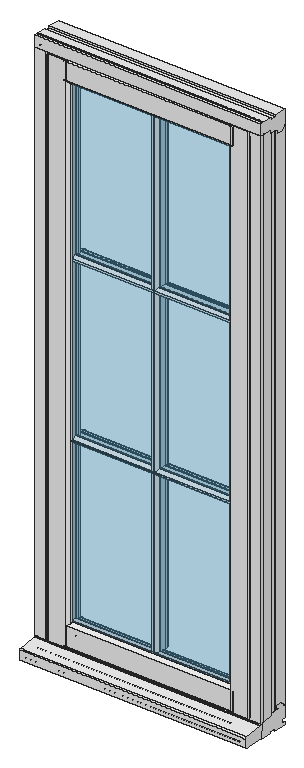
Revit family "C1-6P", category Windows, host Wall, Revit 2012
Parameters
  metal = Matel
  Wood = WindowColor
  Str.Tolrance = 11 mm
  Height = 1770 mm
  Glass = Glass
  Default Sill Height = 914.4 mm
  Wall Closure = By host
  Width = 726 mm
Reference planes
  plane 1 "Center (Front/Back)": y = 0
  plane 2: z = 0
  plane 3 "Center (Left/Right)": x = 0
  plane 4 "Left": x = -363
  plane 5 "Right": x = 363
  plane 6 "Sill": z = 914.4
  plane 7 "Top": z = 2684.4
  plane 8: y = 33.076
  plane 9: z = 2648.4
  plane 10: x = 323
  plane 11: x = -323
  plane 12: z = 2644.4
  plane 13: z = 962.4
  plane 14: x = 265
  plane 15: x = -265
  plane 16: z = 1024.4
  plane 17: z = 2586.4
  plane 18: z = 2628.4
  plane 19: z = 1544.4
  plane 20: z = 2065.74
Forms (mm)
  Sweep 1, solid, material "Matel" <- "metal"
    path origin (0, 0, 0) x (1, 0, 0) y (0, 0, 1)
      loop
        line (363, 914.4) -> (363, 2648.4)
    profile origin (363, 0, 1781.4) x (-1, 0, 0) y (0, -1, 0)
      loop
        line (0, -10) -> (0, -47) -> (43, -47) -> (43, -44)
        arc (43, -44) -> (50.071, -41.071) -> (53, -34) r 10
        line (53, -34) -> (56, -34) -> (56, -18) -> (36, -18) -> (36, -14) -> (44, -14) -> (44, -4) -> (36, -4) -> (36, -1) -> (44, -1) -> (44, 7) -> (36, 7) -> (36, 31.727)
        arc (36, 31.727) -> (34.922, 33.441) -> (33, 34.079) r 3
        line (33, 34.079) -> (33, 41)
        arc (33, 41) -> (34.834, 41.499) -> (36, 43) r 3
        line (36, 43) -> (36, 47) -> (0, 47) -> (0, 42) -> (2, 42)
        arc (2, 42) -> (5, 39) -> (2, 36) r 3
        line (2, 36) -> (0, 36) -> (0, 10) -> (5, 10) -> (5, -10) -> (0, -10)
  Sweep 2, solid, material "Matel" <- "metal"
    path origin (0, 0, 0) x (1, 0, 0) y (0, 0, 1)
      loop
        line (323, 914.4) -> (323, 2644.4)
    profile origin (323, 0, 1779.4) x (-1, 0, 0) y (0, -1, 0)
      loop
        arc (8, -10) -> (8.879, -12.121) -> (11, -13) r 3
        line (11, -13) -> (52, -13) -> (52, 35) -> (68, 35) -> (68, 37) -> (58, 47) -> (3, 47)
        arc (3, 47) -> (0.879, 46.121) -> (0, 44) r 3
        line (0, 44) -> (0, 42)
        arc (0, 42) -> (0.879, 39.879) -> (3, 39) r 3
        line (3, 39) -> (8, 39) -> (8, 28)
        arc (8, 28) -> (8.586, 26.586) -> (10, 26) r 2
        line (10, 26) -> (10, 8)
        arc (10, 8) -> (8.586, 7.414) -> (8, 6) r 2
        line (8, 6) -> (8, -10)
  Sweep 3, solid, material "Matel" <- "metal"
    path origin (0, 0, 0) x (-1, 0, 0) y (0, 0, 1)
      loop
        line (363, 914.4) -> (363, 2648.4)
    profile origin (-363, 0, 1781.4) x (-1, 0, 0) y (0, -1, 0)
      loop
        line (0, -10) -> (-5, -10) -> (-5, 10) -> (0, 10) -> (0, 36) -> (-2, 36)
        arc (-2, 36) -> (-5, 39) -> (-2, 42) r 3
        line (-2, 42) -> (0, 42) -> (0, 47) -> (-36, 47) -> (-36, 43)
        arc (-36, 43) -> (-34.834, 41.499) -> (-33, 41) r 3
        line (-33, 41) -> (-33, 34.079)
        arc (-33, 34.079) -> (-34.922, 33.441) -> (-36, 31.727) r 3
        line (-36, 31.727) -> (-36, 7) -> (-44, 7) -> (-44, -1) -> (-36, -1) -> (-36, -4) -> (-44, -4) -> (-44, -14) -> (-36, -14) -> (-36, -18) -> (-56, -18) -> (-56, -34) -> (-53, -34)
        arc (-53, -34) -> (-50.071, -41.071) -> (-43, -44) r 10
        line (-43, -44) -> (-43, -47) -> (0, -47) -> (0, -10)
  Sweep 4, solid, material "Matel" <- "metal"
    path origin (-2484.788, 0, 2651.344) x (0, 0, 1) y (1, 0, 0)
      loop
        line (33.056, 2121.788) -> (33.056, 2847.788)
    profile origin (0, 0, 2684.4) x (0, 0, 1) y (0, -1, 0)
      loop
        line (0, -10) -> (-5, -10) -> (-5, 10) -> (0, 10) -> (0, 36) -> (-2, 36)
        arc (-2, 36) -> (-5, 39) -> (-2, 42) r 3
        line (-2, 42) -> (0, 42) -> (0, 47) -> (-36, 47) -> (-36, 43)
        arc (-36, 43) -> (-34.834, 41.499) -> (-33, 41) r 3
        line (-33, 41) -> (-33, 34.079)
        arc (-33, 34.079) -> (-34.922, 33.441) -> (-36, 31.727) r 3
        line (-36, 31.727) -> (-36, 7) -> (-44, 7) -> (-44, -1) -> (-36, -1) -> (-36, -4) -> (-44, -4) -> (-44, -14) -> (-36, -14) -> (-36, -18) -> (-56, -18) -> (-56, -34) -> (-53, -34)
        arc (-53, -34) -> (-50.071, -41.071) -> (-43, -44) r 10
        line (-43, -44) -> (-43, -47) -> (0, -47) -> (0, -10)
  Sweep 5, solid, material "Matel" <- "metal"
    path origin (0, 0, 0) x (1, 0, 0) y (0, 0, 1)
      loop
        line (363, 914.4) -> (-363, 914.4)
    profile origin (0, 0, 914.4) x (0, 0, -1) y (0, -1, 0)
      loop
        line (-55, -46) -> (-20, -46) -> (-20, -36) -> (-10, -36) -> (-10, -46) -> (0, -46) -> (0, -9) -> (-5, -9) -> (-5, 11) -> (0, 11) -> (0, 37) -> (-2, 37)
        arc (-2, 37) -> (-5, 40) -> (-2, 43) r 3
        line (-2, 43) -> (0, 43) -> (0, 48) -> (-23, 48) -> (-23, 43) -> (-38, 43) -> (-38, 48) -> (-41, 48)
        arc (-41, 48) -> (-42.414, 47.414) -> (-43, 46) r 2
        line (-43, 46) -> (-48, 6) -> (-53, 6) -> (-56, -17) -> (-57, -17) -> (-57, -23) -> (-60, -23) -> (-60, -17) -> (-68, -17) -> (-68, -33) -> (-65, -33)
        arc (-65, -33) -> (-62.071, -40.071) -> (-55, -43) r 10
        line (-55, -43) -> (-55, -46)
  Sweep 6, solid, material "Matel" <- "metal"
    path origin (0, 0, 0) x (1, 0, 0) y (0, 0, 1)
      loop
        line (363, 914.4) -> (-363, 914.4)
    profile origin (0, 0, 914.4) x (0, 0, -1) y (0, -1, 0)
      loop
        line (-2, 103) -> (0, 103) -> (0, 108) -> (-28, 108)
        arc (-28, 108) -> (-30.068, 107.174) -> (-30.996, 105.149) r 3
        line (-30.996, 105.149) -> (-38, 48) -> (-38, 43) -> (-23, 43) -> (-23, 48) -> (0, 48) -> (0, 97) -> (-2, 97)
        arc (-2, 97) -> (-5, 100) -> (-2, 103) r 3
  Sweep 7, solid, material "Matel" <- "metal"
    path origin (0, 0, 0) x (1, 0, 0) y (0, 0, 1)
      loop
        line (271, 957.4) -> (-271, 957.4)
    profile origin (0, 0, 957.4) x (0, 0, -1) y (0, -1, 0)
      loop
        line (-12, -10.5) -> (-12, 5.5)
        arc (-12, 5.5) -> (-12.586, 6.914) -> (-14, 7.5) r 2
        line (-14, 7.5) -> (-14, 25.5)
        arc (-14, 25.5) -> (-12.586, 26.086) -> (-12, 27.5) r 2
        line (-12, 27.5) -> (-12, 38.5) -> (-3, 38.5)
        arc (-3, 38.5) -> (-0.879, 39.379) -> (0, 41.5) r 3
        line (0, 41.5) -> (0, 43.5)
        arc (0, 43.5) -> (-0.879, 45.621) -> (-3, 46.5) r 3
        line (-3, 46.5) -> (-62, 46.5) -> (-72, 36.5) -> (-72, 34.5) -> (-56, 34.5) -> (-56, -13.5) -> (-15, -13.5)
        arc (-15, -13.5) -> (-12.879, -12.621) -> (-12, -10.5) r 3
  Sweep 8, solid, material "Matel" <- "metal"
    path origin (0, 0, 0) x (1, 0, 0) y (0, 0, 1)
      loop
        line (265, 2586.4) -> (-265, 2586.4) -> (-265, 1019.4) -> (265, 1019.4) -> (265, 2586.4)
    profile origin (0, 0, 2586.4) x (0, 0, -1) y (0, -1, 0)
      loop
        line (-1, -10) -> (-1, -7)
        arc (-1, -7) -> (4.657, -4.657) -> (7, 1) r 8
        line (7, 1) -> (10, 1) -> (10, 5) -> (6, 6) -> (6, 9) -> (-6, 9) -> (-6, -10) -> (-1, -10)
  Sweep 9, solid
    path origin (0, 0, 0) x (1, 0, 0) y (0, 0, 1)
      loop
        line (265, 2586.4) -> (-265, 2586.4) -> (-265, 1024.4) -> (265, 1024.4) -> (265, 2586.4)
    profile origin (0, 0, 2586.4) x (0, 0, -1) y (0, -1, 0)
      loop
        line (-6, 13.165) -> (4, 13.165) -> (4, 29.165) -> (-6, 29.165) -> (-6, 13.165)
  Extrusion 10, solid, material "Glass" <- "Glass"
    sketch origin (0, 0, 0) x (1, 0, 0) y (0, 0, 1)
      loop
        line (265, 2586.4) -> (-265, 2586.4) -> (-265, 1024.4) -> (265, 1024.4) -> (265, 2586.4)
    from 29.165 to 33.165
  Extrusion 11, solid, material "Glass" <- "Glass"
    sketch origin (0, -51.875, 0) x (1, 0, 0) y (0, 0, -1)
      loop
        line (265, -2586.4) -> (265, -1024.4) -> (-265, -1024.4) -> (-265, -2586.4) -> (265, -2586.4)
    from 38.875 to 42.875
  Sweep 12, void
    path origin (0, 0, 0) x (1, 0, 0) y (0, 1, 0)
      loop
        line (-363, 0) -> (363, 0)
    profile origin (0, 0, 0) x (0, 1, 0) y (0, 0, 1)
      loop
        line (46, 969.4) -> (43, 969.4)
        arc (43, 969.4) -> (40.071, 976.471) -> (33, 979.4) r 10
        line (33, 979.4) -> (33, 982.4) -> (17, 982.4) -> (17, 974.4) -> (23, 974.4) -> (23, 971.4) -> (17, 971.4) -> (17, 970.4) -> (-6, 967.4) -> (-6, 962.4) -> (-46, 957.4)
        arc (-46, 957.4) -> (-47.414, 956.814) -> (-48, 955.4) r 2
        line (-48, 955.4) -> (-48, 952.4) -> (-80.364, 948.378) -> (-105.37, 945.377) -> (-130.37, 942.377)
        arc (-130.37, 942.377) -> (-132.248, 941.386) -> (-133, 939.4) r 3
        line (-133, 939.4) -> (-133, 909.4) -> (57, 909.4) -> (57, 969.4) -> (46, 969.4)
  Sweep 13, void
    path origin (0, 0, 0) x (1, 0, 0) y (0, 1, 0)
      loop
        line (-363, 0) -> (363, 0)
    profile origin (0, 0, 0) x (0, 1, 0) y (0, 0, 1)
      loop
        line (47, 2641.4) -> (57, 2641.4) -> (57, 2691.4) -> (-58, 2691.4) -> (-58, 2648.4) -> (-47, 2648.4) -> (-43, 2648.4)
        arc (-43, 2648.4) -> (-41.499, 2649.566) -> (-41, 2651.4) r 3
        line (-41, 2651.4) -> (-34.079, 2651.4)
        arc (-34.079, 2651.4) -> (-33.441, 2649.478) -> (-31.727, 2648.4) r 3
        line (-31.727, 2648.4) -> (-7, 2648.4) -> (-7, 2640.4) -> (1, 2640.4) -> (1, 2648.4) -> (4, 2648.4) -> (4, 2640.4) -> (14, 2640.4) -> (14, 2648.4) -> (18, 2648.4) -> (18, 2628.4) -> (34, 2628.4) -> (34, 2631.4)
        arc (34, 2631.4) -> (41.071, 2634.329) -> (44, 2641.4) r 10
        line (44, 2641.4) -> (47, 2641.4)
  Sweep 14, solid, material "Matel" <- "metal"
    path origin (0, 0, 0) x (1, 0, 0) y (0, 0, 1)
      loop
        line (265, 1544.4) -> (-265, 1544.4)
    profile origin (0, 0, 1544.4) x (0, 0, -1) y (0, -1, 0)
      loop
        line (10, -10.711) -> (-10, -10.711) -> (-10, -16.711) -> (-8, -16.711) -> (-8, -19.211)
        arc (-8, -19.211) -> (-6.294, -23.727) -> (-2.5, -26.711) r 9
        line (-2.5, -26.711) -> (-2.5, -28.711) -> (2.5, -28.711) -> (2.5, -26.711)
        arc (2.5, -26.711) -> (6.294, -23.727) -> (8, -19.211) r 9
        line (8, -19.211) -> (8, -16.711) -> (10, -16.711) -> (10, -10.711)
      loop
        line (10, 18.378) -> (2.551, 26.532) -> (2.551, 28.532) -> (-2.449, 28.532) -> (-2.449, 26.532) -> (-10, 15.578) -> (10, 15.578) -> (10, 18.378)
  Sweep 15, solid, material "Matel" <- "metal"
    path origin (0, 0, 0) x (1, 0, 0) y (0, 0, 1)
      loop
        line (265, 1544.4) -> (-265, 1544.4)
    profile origin (0, 0, 1544.4) x (0, 0, -1) y (0, -1, 0)
      loop
        line (10, -5.465) -> (10, 10.535) -> (-10, 10.535) -> (-10, -5.465) -> (10, -5.465)
  Sweep 16, solid, material "Matel" <- "metal"
    path origin (-1799.4, 0, 2027.921) x (0, 0, -1) y (1, 0, 0)
      loop
        line (1003.521, 1799.4) -> (-558.479, 1799.4)
    profile origin (0, 0, 1805.4) x (-1, 0, 0) y (0, -1, 0)
      loop
        line (10, -10.711) -> (-10, -10.711) -> (-10, -16.711) -> (-8, -16.711) -> (-8, -19.211)
        arc (-8, -19.211) -> (-6.294, -23.727) -> (-2.5, -26.711) r 9
        line (-2.5, -26.711) -> (-2.5, -28.711) -> (2.5, -28.711) -> (2.5, -26.711)
        arc (2.5, -26.711) -> (6.294, -23.727) -> (8, -19.211) r 9
        line (8, -19.211) -> (8, -16.711) -> (10, -16.711) -> (10, -10.711)
      loop
        line (10, 18.378) -> (2.551, 26.532) -> (2.551, 28.532) -> (-2.449, 28.532) -> (-2.449, 26.532) -> (-10, 15.578) -> (10, 15.578) -> (10, 18.378)
  Sweep 17, solid, material "Matel" <- "metal"
    path origin (-2621.044, 0, 1624.754) x (0, 0, -1) y (1, 0, 0)
      loop
        line (600.354, 2621.044) -> (-961.646, 2621.044)
    profile origin (0, 0, 1805.4) x (-1, 0, 0) y (0, -1, 0)
      loop
        line (10, -5.465) -> (10, 10.535) -> (-10, 10.535) -> (-10, -5.465) -> (10, -5.465)
  Sweep 18, solid, material "Matel" <- "metal"
    path origin (0, 0, 3808.8) x (1, 0, 0) y (0, 0, -1)
      loop
        line (265, 1743.06) -> (-265, 1743.06)
    profile origin (0, 0, 2065.74) x (0, 0, -1) y (0, -1, 0)
      loop
        line (-10, -10.711) -> (-10, -16.711) -> (-8, -16.711) -> (-8, -19.211)
        arc (-8, -19.211) -> (-6.294, -23.727) -> (-2.5, -26.711) r 9
        line (-2.5, -26.711) -> (-2.5, -28.711) -> (2.5, -28.711) -> (2.5, -26.711)
        arc (2.5, -26.711) -> (6.294, -23.727) -> (8, -19.211) r 9
        line (8, -19.211) -> (8, -16.711) -> (10, -16.711) -> (10, -10.711) -> (-10, -10.711)
      loop
        line (-10, 18.378) -> (-10, 15.578) -> (10, 15.578) -> (2.449, 26.532) -> (2.449, 28.532) -> (-2.551, 28.532) -> (-2.551, 26.532) -> (-10, 18.378)
  Sweep 19, solid, material "Matel" <- "metal"
    path origin (0, 0, 3808.8) x (1, 0, 0) y (0, 0, -1)
      loop
        line (265, 1743.06) -> (-265, 1743.06)
    profile origin (0, 0, 2065.74) x (0, 0, -1) y (0, -1, 0)
      loop
        line (-10, -5.465) -> (10, -5.465) -> (10, 10.535) -> (-10, 10.535) -> (-10, -5.465)
  Sweep 20, solid, material "Matel" <- "metal"
    path origin (0, 0, 0) x (-1, 0, 0) y (0, 0, 1)
      loop
        line (323, 914.4) -> (323, 2644.4)
    profile origin (-323, 0, 1779.4) x (-1, 0, 0) y (0, -1, 0)
      loop
        line (-8, -10) -> (-8, 6)
        arc (-8, 6) -> (-8.586, 7.414) -> (-10, 8) r 2
        line (-10, 8) -> (-10, 26)
        arc (-10, 26) -> (-8.586, 26.586) -> (-8, 28) r 2
        line (-8, 28) -> (-8, 39) -> (-3, 39)
        arc (-3, 39) -> (-0.879, 39.879) -> (0, 42) r 3
        line (0, 42) -> (0, 44)
        arc (0, 44) -> (-0.879, 46.121) -> (-3, 47) r 3
        line (-3, 47) -> (-58, 47) -> (-68, 37) -> (-68, 35) -> (-52, 35) -> (-52, -13) -> (-11, -13)
        arc (-11, -13) -> (-8.879, -12.121) -> (-8, -10) r 3
  Sweep 21, solid, material "Matel" <- "metal"
    path origin (1911.392, 0, 4486.289) x (0, 0, 1) y (-1, 0, 0)
      loop
        line (-1841.889, 1640.392) -> (-1841.889, 2182.392)
    profile origin (0, 0, 2644.4) x (0, 0, -1) y (0, -1, 0)
      loop
        arc (8, -10.5) -> (8.879, -12.621) -> (11, -13.5) r 3
        line (11, -13.5) -> (52, -13.5) -> (52, 34.5) -> (68, 34.5) -> (68, 36.5) -> (58, 46.5) -> (3, 46.5)
        arc (3, 46.5) -> (0.879, 45.621) -> (0, 43.5) r 3
        line (0, 43.5) -> (0, 41.5)
        arc (0, 41.5) -> (0.879, 39.379) -> (3, 38.5) r 3
        line (3, 38.5) -> (8, 38.5) -> (8, 27.5)
        arc (8, 27.5) -> (8.586, 26.086) -> (10, 25.5) r 2
        line (10, 25.5) -> (10, 7.5)
        arc (10, 7.5) -> (8.586, 6.914) -> (8, 5.5) r 2
        line (8, 5.5) -> (8, -10.5)
Cuts and joins
  Sweep 12, Sweep 13 cuts Sweep 1
  Sweep 12 cuts Sweep 2
  Sweep 12, Sweep 13 cuts Sweep 3
Lines and regions (mm)
  Opening 1
    outline origin (-1524, -47, 0) x (1, 0, 0) y (0, 0, 1)
      loop
        line (1161, 2684.4) -> (1161, 914.4) -> (1887, 914.4) -> (1887, 2684.4) -> (1161, 2684.4)
Text (mm)
  text "EXTERIOR" at (-1490.695, 1293.036, 0), in view "Ref. Level"
  text "INTERIOR" at (-1490.695, -959.266, 0), in view "Ref. Level"
  text "Exterior" at (0, 1108.87, 3129.179), in view "Left"
  text "Exterior" at (0, 464.664, 3176.206), in view "Right"
Dimensions and locks
  equal spacing: plane 4 "Left", plane 3 "Center (Left/Right)", plane 5 "Right"  (x2)
  "Height": plane 6 "Sill" to plane 7 "Top"
  "Default Sill Height": plane 2 to plane 6 "Sill"
  plane 6 "Sill" to plane 7 "Top" = 1770 mm
  "Width": plane 4 "Left" to plane 5 "Right"
  locked: plane 9 to plane 7 "Top" at 36
  plane 10 to plane 5 "Right" = 40 mm
  plane 11 to plane 4 "Left" = 40 mm
  locked: plane 12 to plane 7 "Top" at 40
  locked: plane 6 "Sill" to plane 13 at 48
  locked: plane 5 "Right" to plane 14 at 98
  locked: plane 4 "Left" to plane 15 at 98
  locked: plane 6 "Sill" to plane 16 at 110
  locked: plane 17 to plane 7 "Top" at 98
  locked: Extrusion 10 to Extrusion 10 at 4
  locked: Extrusion 11 to Extrusion 11 at 4
  locked: plane 6 "Sill" to plane 19 at 630
  locked: plane 20 to plane 7 "Top" at 618.66
  aligned and locked: plane 7 "Top" to Opening 1 sketch curve
  aligned and locked: plane 6 "Sill" to Opening 1 sketch curve  (x2)
  aligned and locked: plane 5 "Right" to Opening 1 sketch curve
  aligned and locked: plane 4 "Left" to Opening 1 sketch curve
  aligned and locked: level to plane 2
  aligned and locked: plane 5 "Right" to Sweep 1 sketch curve
  aligned and locked: plane 10 to Sweep 2 sketch curve
  aligned and locked: plane 9 to Sweep 1 sketch curve
  aligned and locked: plane 4 "Left" to Sweep 3 sketch curve
  aligned and locked: plane 9 to Sweep 3 sketch curve
  aligned and locked: plane 5 "Right" to Sweep 4 sketch curve
  aligned and locked: plane 4 "Left" to Sweep 4 sketch curve
  aligned and locked: plane 4 "Left" to Sweep 5 sketch curve
  aligned and locked: plane 5 "Right" to Sweep 5 sketch curve
  aligned and locked: Sweep 8 sketch curve to plane 14
  aligned and locked: Sweep 8 sketch curve to plane 15
  aligned and locked: Sweep 8 sketch curve to plane 17
  aligned and locked: Sweep 9 sketch curve to plane 14
  aligned and locked: Sweep 9 sketch curve to plane 15
  aligned and locked: Sweep 9 sketch curve to plane 17
  aligned and locked: plane 16 to Sweep 9 sketch curve
  aligned and locked: plane 16 to Extrusion 10 sketch curve
  aligned and locked: Extrusion 10 sketch curve to plane 15
  aligned and locked: Extrusion 10 sketch curve to plane 17
  aligned and locked: Extrusion 10 sketch curve to plane 14
  aligned and locked: Extrusion 10 to Sweep 9
  aligned and locked: plane 6 "Sill" to Sweep 5
  aligned and locked: plane 6 "Sill" to Sweep 6
  aligned and locked: Sweep 4 to plane 7 "Top"
  aligned and locked: Sweep 7 sketch curve to Sweep 5
  aligned and locked: plane 14 to Sweep 14 sketch curve
  aligned and locked: plane 15 to Sweep 14 sketch curve
  aligned and locked: Sweep 14 sketch curve to plane 19
  aligned and locked: plane 14 to Sweep 15 sketch curve
  aligned and locked: plane 15 to Sweep 15 sketch curve
  aligned and locked: Sweep 15 sketch curve to plane 19
  aligned and locked: plane 17 to Sweep 16 sketch curve
  aligned and locked: plane 16 to Sweep 16 sketch curve
  aligned and locked: Sweep 17 sketch curve to plane 3 "Center (Left/Right)"
  aligned and locked: plane 17 to Sweep 17 sketch curve
  aligned and locked: plane 16 to Sweep 17 sketch curve
  aligned and locked: plane 20 to Sweep 18 sketch curve
  aligned and locked: plane 20 to Sweep 19 sketch curve
  aligned and locked: Sweep 21 sketch curve to plane 12
Automatic sketch dimensions
  Sweep 1 sketch curve to plane 6 "Sill" = 0 mm
  Sweep 1 sketch curve to profile plane = 0 mm  (x3)
  Sweep 1 sketch curve to profile plane = 2 mm
  Sweep 1 sketch curve to Sweep 1 sketch curve = 5 mm  (x2)
  Sweep 1 sketch curve to Sweep 1 sketch curve = 31 mm  (x2)
  Sweep 1 sketch curve to Sweep 1 sketch curve = 0.071 mm
  Sweep 1 sketch curve to Sweep 1 sketch curve = 0.17 mm
  Sweep 1 sketch curve to plane 1 "Center (Front/Back)" = 4 mm
  Sweep 1 sketch curve to Sweep 1 sketch curve = 0 mm  (x3)
  Sweep 1 sketch curve to Sweep 1 sketch curve = 2.83 mm
  Sweep 1 sketch curve to Sweep 1 sketch curve = 7 mm
  Sweep 1 sketch curve to Sweep 1 sketch curve = 8 mm
  Sweep 1 sketch curve to plane 1 "Center (Front/Back)" = 1 mm
  Sweep 1 sketch curve to Sweep 1 sketch curve = 10 mm  (x2)
  Sweep 1 sketch curve to Sweep 1 sketch curve = 12 mm
  Sweep 1 sketch curve to plane 1 "Center (Front/Back)" = 10 mm
  Sweep 1 sketch curve to Sweep 1 sketch curve = 4 mm
  Sweep 1 sketch curve to Sweep 1 sketch curve = 16 mm
  Sweep 1 sketch curve to Sweep 1 sketch curve = 3 mm  (x2)
  plane 1 "Center (Front/Back)" to Sweep 1 sketch curve = 7 mm
  plane 1 "Center (Front/Back)" to Sweep 1 sketch curve = 10 mm
  Sweep 1 sketch curve to Sweep 1 sketch curve = 24.08 mm
  Sweep 1 sketch curve to Sweep 1 sketch curve = 0.647 mm
  Sweep 1 sketch curve to Sweep 1 sketch curve = 26 mm
  Sweep 1 sketch curve to Sweep 1 sketch curve = 6.921 mm
  Sweep 1 sketch curve to Sweep 1 sketch curve = 2 mm
  Sweep 2 sketch curve to plane 6 "Sill" = 0 mm
  Sweep 2 sketch curve to plane 12 = 0 mm
  Sweep 2 sketch curve to profile plane = 0 mm
  Sweep 2 sketch curve to profile plane = 3 mm
  Sweep 2 sketch curve to Sweep 2 sketch curve = 0 mm
  Sweep 2 sketch curve to profile plane = 8 mm
  Sweep 2 sketch curve to Sweep 2 sketch curve = 5 mm
  Sweep 2 sketch curve to Sweep 2 sketch curve = 2 mm  (x3)
  Sweep 2 sketch curve to Sweep 2 sketch curve = 3 mm
  Sweep 2 sketch curve to plane 1 "Center (Front/Back)" = 13 mm
  Sweep 2 sketch curve to Sweep 2 sketch curve = 41 mm
  Sweep 2 sketch curve to Sweep 2 sketch curve = 6 mm
  Sweep 2 sketch curve to Sweep 2 sketch curve = 10 mm
  plane 1 "Center (Front/Back)" to Sweep 2 sketch curve = 6 mm
  Sweep 2 sketch curve to Sweep 2 sketch curve = 18 mm
  plane 1 "Center (Front/Back)" to Sweep 2 sketch curve = 35 mm
  Sweep 2 sketch curve to Sweep 2 sketch curve = 11 mm
  Sweep 3 sketch curve to plane 6 "Sill" = 0 mm
  Sweep 3 sketch curve to profile plane = 0 mm  (x3)
  Sweep 3 sketch curve to Sweep 3 sketch curve = 2 mm  (x2)
  profile plane to Sweep 3 sketch curve = 5 mm
  Sweep 3 sketch curve to Sweep 3 sketch curve = 31 mm
  Sweep 3 sketch curve to Sweep 3 sketch curve = 0.071 mm
  Sweep 3 sketch curve to Sweep 3 sketch curve = 0.17 mm
  plane 1 "Center (Front/Back)" to Sweep 3 sketch curve = 7 mm
  Sweep 3 sketch curve to Sweep 3 sketch curve = 2.929 mm
  Sweep 3 sketch curve to Sweep 3 sketch curve = 2.83 mm
  Sweep 3 sketch curve to plane 1 "Center (Front/Back)" = 1 mm
  Sweep 3 sketch curve to Sweep 3 sketch curve = 0 mm  (x3)
  Sweep 3 sketch curve to Sweep 3 sketch curve = 7 mm
  Sweep 3 sketch curve to Sweep 3 sketch curve = 8 mm
  Sweep 3 sketch curve to Sweep 3 sketch curve = 10 mm  (x2)
  Sweep 3 sketch curve to Sweep 3 sketch curve = 3 mm  (x4)
  Sweep 3 sketch curve to plane 1 "Center (Front/Back)" = 10 mm
  Sweep 3 sketch curve to Sweep 3 sketch curve = 4 mm
  Sweep 3 sketch curve to Sweep 3 sketch curve = 16 mm
  plane 1 "Center (Front/Back)" to Sweep 3 sketch curve = 10 mm
  Sweep 3 sketch curve to Sweep 3 sketch curve = 24.08 mm
  Sweep 3 sketch curve to Sweep 3 sketch curve = 0.647 mm
  Sweep 3 sketch curve to Sweep 3 sketch curve = 26 mm
  Sweep 3 sketch curve to Sweep 3 sketch curve = 6.921 mm
  Sweep 3 sketch curve to Sweep 3 sketch curve = 5 mm
  Sweep 4 sketch curve to plane 7 "Top" = 0 mm
  profile plane to Sweep 4 sketch curve = 0 mm  (x3)
  Sweep 4 sketch curve to Sweep 4 sketch curve = 2 mm  (x2)
  Sweep 4 sketch curve to Sweep 4 sketch curve = 5 mm  (x2)
  Sweep 4 sketch curve to Sweep 4 sketch curve = 31 mm
  Sweep 4 sketch curve to Sweep 4 sketch curve = 0.071 mm
  Sweep 4 sketch curve to Sweep 4 sketch curve = 0.17 mm
  plane 1 "Center (Front/Back)" to Sweep 4 sketch curve = 7 mm
  Sweep 4 sketch curve to Sweep 4 sketch curve = 2.929 mm
  Sweep 4 sketch curve to Sweep 4 sketch curve = 2.83 mm
  Sweep 4 sketch curve to plane 1 "Center (Front/Back)" = 1 mm
  Sweep 4 sketch curve to Sweep 4 sketch curve = 0 mm  (x3)
  Sweep 4 sketch curve to Sweep 4 sketch curve = 7 mm
  Sweep 4 sketch curve to Sweep 4 sketch curve = 8 mm
  Sweep 4 sketch curve to Sweep 4 sketch curve = 10 mm  (x2)
  Sweep 4 sketch curve to Sweep 4 sketch curve = 3 mm  (x4)
  Sweep 4 sketch curve to plane 1 "Center (Front/Back)" = 10 mm
  Sweep 4 sketch curve to Sweep 4 sketch curve = 4 mm
  Sweep 4 sketch curve to Sweep 4 sketch curve = 16 mm
  plane 1 "Center (Front/Back)" to Sweep 4 sketch curve = 10 mm
  Sweep 4 sketch curve to Sweep 4 sketch curve = 24.08 mm
  Sweep 4 sketch curve to Sweep 4 sketch curve = 0.647 mm
  Sweep 4 sketch curve to Sweep 4 sketch curve = 26 mm
  Sweep 4 sketch curve to Sweep 4 sketch curve = 6.921 mm
  Sweep 5 sketch curve to plane 6 "Sill" = 0 mm
  Sweep 5 sketch curve to profile plane = 0 mm  (x3)
  profile plane to Sweep 5 sketch curve = 2 mm
  profile plane to Sweep 5 sketch curve = 5 mm
  profile plane to Sweep 5 sketch curve = 10 mm
  Sweep 5 sketch curve to Sweep 5 sketch curve = 10 mm  (x5)
  Sweep 5 sketch curve to Sweep 5 sketch curve = 21 mm
  Sweep 5 sketch curve to Sweep 5 sketch curve = 15 mm
  Sweep 5 sketch curve to Sweep 5 sketch curve = 3 mm  (x6)
  Sweep 5 sketch curve to Sweep 5 sketch curve = 2 mm
  plane 1 "Center (Front/Back)" to Sweep 5 sketch curve = 6 mm
  Sweep 5 sketch curve to Sweep 5 sketch curve = 5 mm  (x2)
  Sweep 5 sketch curve to Sweep 5 sketch curve = 35 mm
  Sweep 5 sketch curve to plane 1 "Center (Front/Back)" = 17 mm
  Sweep 5 sketch curve to Sweep 5 sketch curve = 1 mm  (x2)
  Sweep 5 sketch curve to Sweep 5 sketch curve = 0 mm  (x2)
  Sweep 5 sketch curve to Sweep 5 sketch curve = 6 mm
  Sweep 5 sketch curve to plane 1 "Center (Front/Back)" = 36 mm
  Sweep 5 sketch curve to plane 1 "Center (Front/Back)" = 9 mm
  plane 1 "Center (Front/Back)" to Sweep 5 sketch curve = 11 mm
  Sweep 5 sketch curve to Sweep 5 sketch curve = 26 mm
  plane 4 "Left" to Sweep 6 sketch curve = 0 mm
  plane 5 "Right" to Sweep 6 sketch curve = 0 mm
  Sweep 6 sketch curve to plane 6 "Sill" = 0 mm
  Sweep 6 sketch curve to profile plane = 0 mm  (x2)
  Sweep 6 sketch curve to Sweep 6 sketch curve = 2 mm  (x2)
  Sweep 6 sketch curve to Sweep 6 sketch curve = 23 mm
  Sweep 6 sketch curve to Sweep 6 sketch curve = 26 mm
  Sweep 6 sketch curve to Sweep 6 sketch curve = 2.996 mm
  Sweep 6 sketch curve to Sweep 6 sketch curve = 15 mm
  plane 1 "Center (Front/Back)" to Sweep 6 sketch curve = 43 mm
  Sweep 6 sketch curve to Sweep 6 sketch curve = 5 mm  (x2)
  Sweep 6 sketch curve to Sweep 6 sketch curve = 49 mm
  Sweep 6 sketch curve to Sweep 6 sketch curve = 3 mm
  Sweep 6 sketch curve to Sweep 6 sketch curve = 0.149 mm
  Sweep 7 sketch curve to profile plane = 0 mm
  profile plane to Sweep 7 sketch curve = 3 mm  (x2)
  profile plane to Sweep 7 sketch curve = 12 mm  (x2)
  Sweep 7 sketch curve to Sweep 7 sketch curve = 2 mm  (x3)
  Sweep 7 sketch curve to Sweep 7 sketch curve = 3 mm
  Sweep 7 sketch curve to Sweep 7 sketch curve = 42 mm
  Sweep 7 sketch curve to Sweep 7 sketch curve = 6 mm
  Sweep 7 sketch curve to Sweep 7 sketch curve = 10 mm
  Sweep 7 sketch curve to plane 1 "Center (Front/Back)" = 13.5 mm
  plane 1 "Center (Front/Back)" to Sweep 7 sketch curve = 5.5 mm
  Sweep 7 sketch curve to Sweep 7 sketch curve = 18 mm
  plane 1 "Center (Front/Back)" to Sweep 7 sketch curve = 34.5 mm
  Sweep 7 sketch curve to Sweep 7 sketch curve = 11 mm
  profile plane to Sweep 8 sketch curve = 6 mm
  profile plane to Sweep 8 sketch curve = 1 mm
  Sweep 8 sketch curve to profile plane = 6 mm
  plane 1 "Center (Front/Back)" to Sweep 8 sketch curve = 1 mm
  Sweep 8 sketch curve to Sweep 8 sketch curve = 1 mm  (x2)
  plane 1 "Center (Front/Back)" to Sweep 8 sketch curve = 5 mm
  Sweep 8 sketch curve to Sweep 8 sketch curve = 4 mm
  Sweep 8 sketch curve to Sweep 8 sketch curve = 3 mm
  plane 1 "Center (Front/Back)" to Sweep 8 sketch curve = 9 mm
  profile plane to Sweep 9 sketch curve = 6 mm
  Sweep 9 sketch curve to profile plane = 4 mm
  plane 1 "Center (Front/Back)" to Sweep 9 sketch curve = 13.165 mm
  Sweep 9 sketch curve to Sweep 9 sketch curve = 16 mm
  plane 15 to Extrusion 11 sketch curve = 0 mm
  Extrusion 11 sketch curve to plane 14 = 0 mm
  Extrusion 11 sketch curve to plane 17 = 0 mm
  Extrusion 11 sketch curve to plane 16 = 0 mm
  plane 1 "Center (Front/Back)" to Sweep 12 sketch curve = 0 mm
  Sweep 12 sketch curve to plane 4 "Left" = 0 mm
  Sweep 12 sketch curve to plane 5 "Right" = 0 mm
  profile plane to Sweep 12 sketch curve = 133 mm
  Sweep 12 sketch curve to Sweep 12 sketch curve = 2.63 mm
  Sweep 12 sketch curve to Sweep 12 sketch curve = 3 mm  (x6)
  Sweep 12 sketch curve to Sweep 12 sketch curve = 25 mm
  Sweep 12 sketch curve to Sweep 12 sketch curve = 25.006 mm
  Sweep 12 sketch curve to Sweep 12 sketch curve = 32.364 mm
  Sweep 12 sketch curve to Sweep 12 sketch curve = 2 mm  (x2)
  profile plane to Sweep 12 sketch curve = 6 mm
  Sweep 12 sketch curve to profile plane = 17 mm
  Sweep 12 sketch curve to Sweep 12 sketch curve = 0 mm
  Sweep 12 sketch curve to Sweep 12 sketch curve = 6 mm
  Sweep 12 sketch curve to Sweep 12 sketch curve = 10 mm  (x2)
  Sweep 12 sketch curve to Sweep 12 sketch curve = 11 mm
  level to Sweep 12 sketch curve = 909.4 mm
  Sweep 12 sketch curve to Sweep 12 sketch curve = 30 mm
  Sweep 12 sketch curve to Sweep 12 sketch curve = 3.001 mm
  Sweep 12 sketch curve to Sweep 12 sketch curve = 4.022 mm
  Sweep 12 sketch curve to Sweep 12 sketch curve = 5 mm  (x2)
  Sweep 12 sketch curve to Sweep 12 sketch curve = 1 mm  (x2)
  plane 1 "Center (Front/Back)" to Sweep 13 sketch curve = 0 mm
  Sweep 13 sketch curve to plane 4 "Left" = 0 mm
  Sweep 13 sketch curve to plane 5 "Right" = 0 mm
  profile plane to Sweep 13 sketch curve = 58 mm
  Sweep 13 sketch curve to Sweep 13 sketch curve = 11 mm
  Sweep 13 sketch curve to Sweep 13 sketch curve = 3.005 mm
  Sweep 13 sketch curve to Sweep 13 sketch curve = 0.995 mm
  Sweep 13 sketch curve to Sweep 13 sketch curve = 2.995 mm
  Sweep 13 sketch curve to Sweep 13 sketch curve = 6.921 mm
  Sweep 13 sketch curve to Sweep 13 sketch curve = 2.353 mm
  Sweep 13 sketch curve to Sweep 13 sketch curve = 0.647 mm
  profile plane to Sweep 13 sketch curve = 7 mm
  Sweep 13 sketch curve to profile plane = 1 mm
  Sweep 13 sketch curve to Sweep 13 sketch curve = 3 mm  (x3)
  Sweep 13 sketch curve to Sweep 13 sketch curve = 10 mm  (x3)
  Sweep 13 sketch curve to Sweep 13 sketch curve = 4 mm
  Sweep 13 sketch curve to Sweep 13 sketch curve = 16 mm
  level to Sweep 13 sketch curve = 2628.4 mm
  Sweep 13 sketch curve to Sweep 13 sketch curve = 12 mm
  Sweep 13 sketch curve to Sweep 13 sketch curve = 0 mm  (x3)
  Sweep 13 sketch curve to Sweep 13 sketch curve = 8 mm  (x2)
  Sweep 13 sketch curve to Sweep 13 sketch curve = 2.83 mm
  Sweep 13 sketch curve to Sweep 13 sketch curve = 50 mm
  profile plane to Sweep 14 sketch curve = 10 mm  (x2)
  Sweep 14 sketch curve to Sweep 14 sketch curve = 2 mm  (x5)
  profile plane to Sweep 14 sketch curve = 2.5 mm
  profile plane to Sweep 14 sketch curve = 2.449 mm
  profile plane to Sweep 14 sketch curve = 0.964 mm
  Sweep 14 sketch curve to profile plane = 0.964 mm
  Sweep 14 sketch curve to profile plane = 2.5 mm
  Sweep 14 sketch curve to profile plane = 2.551 mm
  Sweep 14 sketch curve to Sweep 14 sketch curve = 7.036 mm
  Sweep 14 sketch curve to profile plane = 10 mm
  Sweep 14 sketch curve to plane 1 "Center (Front/Back)" = 28.711 mm
  Sweep 14 sketch curve to Sweep 14 sketch curve = 7.5 mm
  Sweep 14 sketch curve to Sweep 14 sketch curve = 0.807 mm
  Sweep 14 sketch curve to Sweep 14 sketch curve = 2.5 mm  (x2)
  Sweep 14 sketch curve to Sweep 14 sketch curve = 6 mm
  plane 1 "Center (Front/Back)" to Sweep 14 sketch curve = 15.578 mm
  Sweep 14 sketch curve to Sweep 14 sketch curve = 2.8 mm
  Sweep 14 sketch curve to Sweep 14 sketch curve = 8.154 mm
  Sweep 14 sketch curve to Sweep 14 sketch curve = 0 mm
  profile plane to Sweep 15 sketch curve = 10 mm
  Sweep 15 sketch curve to profile plane = 10 mm
  Sweep 15 sketch curve to plane 1 "Center (Front/Back)" = 5.465 mm
  plane 1 "Center (Front/Back)" to Sweep 15 sketch curve = 10.535 mm
  Sweep 16 sketch curve to plane 3 "Center (Left/Right)" = 0 mm
  profile plane to Sweep 16 sketch curve = 10 mm  (x2)
  Sweep 16 sketch curve to Sweep 16 sketch curve = 2 mm  (x5)
  profile plane to Sweep 16 sketch curve = 2.5 mm
  profile plane to Sweep 16 sketch curve = 2.449 mm
  profile plane to Sweep 16 sketch curve = 0.964 mm
  Sweep 16 sketch curve to profile plane = 0.964 mm
  Sweep 16 sketch curve to profile plane = 2.5 mm
  Sweep 16 sketch curve to profile plane = 2.551 mm
  Sweep 16 sketch curve to Sweep 16 sketch curve = 7.036 mm
  Sweep 16 sketch curve to profile plane = 10 mm
  Sweep 16 sketch curve to plane 1 "Center (Front/Back)" = 28.711 mm
  Sweep 16 sketch curve to Sweep 16 sketch curve = 7.5 mm
  Sweep 16 sketch curve to Sweep 16 sketch curve = 0.807 mm
  Sweep 16 sketch curve to Sweep 16 sketch curve = 2.5 mm  (x2)
  Sweep 16 sketch curve to Sweep 16 sketch curve = 6 mm
  plane 1 "Center (Front/Back)" to Sweep 16 sketch curve = 15.578 mm
  Sweep 16 sketch curve to Sweep 16 sketch curve = 2.8 mm
  Sweep 16 sketch curve to Sweep 16 sketch curve = 8.154 mm
  Sweep 16 sketch curve to Sweep 16 sketch curve = 0 mm
  profile plane to Sweep 17 sketch curve = 10 mm
  Sweep 17 sketch curve to profile plane = 10 mm
  Sweep 17 sketch curve to plane 1 "Center (Front/Back)" = 5.465 mm
  plane 1 "Center (Front/Back)" to Sweep 17 sketch curve = 10.535 mm
  plane 15 to Sweep 18 sketch curve = 0 mm
  Sweep 18 sketch curve to plane 14 = 0 mm
  profile plane to Sweep 18 sketch curve = 10 mm  (x2)
  Sweep 18 sketch curve to Sweep 18 sketch curve = 2 mm  (x5)
  profile plane to Sweep 18 sketch curve = 2.551 mm
  profile plane to Sweep 18 sketch curve = 2.5 mm
  profile plane to Sweep 18 sketch curve = 0.964 mm
  Sweep 18 sketch curve to profile plane = 0.964 mm
  Sweep 18 sketch curve to profile plane = 2.449 mm
  Sweep 18 sketch curve to profile plane = 2.5 mm
  Sweep 18 sketch curve to Sweep 18 sketch curve = 7.036 mm
  Sweep 18 sketch curve to profile plane = 10 mm
  Sweep 18 sketch curve to plane 1 "Center (Front/Back)" = 28.711 mm
  Sweep 18 sketch curve to Sweep 18 sketch curve = 7.5 mm
  Sweep 18 sketch curve to Sweep 18 sketch curve = 0.807 mm
  Sweep 18 sketch curve to Sweep 18 sketch curve = 2.5 mm  (x2)
  Sweep 18 sketch curve to Sweep 18 sketch curve = 6 mm
  plane 1 "Center (Front/Back)" to Sweep 18 sketch curve = 15.578 mm
  Sweep 18 sketch curve to Sweep 18 sketch curve = 2.8 mm
  Sweep 18 sketch curve to Sweep 18 sketch curve = 8.154 mm
  Sweep 18 sketch curve to Sweep 18 sketch curve = 0 mm
  plane 15 to Sweep 19 sketch curve = 0 mm
  Sweep 19 sketch curve to plane 14 = 0 mm
  profile plane to Sweep 19 sketch curve = 10 mm
  Sweep 19 sketch curve to profile plane = 10 mm
  Sweep 19 sketch curve to plane 1 "Center (Front/Back)" = 5.465 mm
  plane 1 "Center (Front/Back)" to Sweep 19 sketch curve = 10.535 mm
  Sweep 20 sketch curve to plane 11 = 0 mm
  Sweep 20 sketch curve to plane 6 "Sill" = 0 mm
  Sweep 20 sketch curve to plane 12 = 0 mm
  Sweep 20 sketch curve to profile plane = 0 mm
  profile plane to Sweep 20 sketch curve = 3 mm  (x2)
  profile plane to Sweep 20 sketch curve = 8 mm  (x2)
  Sweep 20 sketch curve to Sweep 20 sketch curve = 2 mm  (x3)
  Sweep 20 sketch curve to Sweep 20 sketch curve = 3 mm
  Sweep 20 sketch curve to Sweep 20 sketch curve = 42 mm
  Sweep 20 sketch curve to Sweep 20 sketch curve = 6 mm
  Sweep 20 sketch curve to Sweep 20 sketch curve = 10 mm
  Sweep 20 sketch curve to plane 1 "Center (Front/Back)" = 13 mm
  plane 1 "Center (Front/Back)" to Sweep 20 sketch curve = 6 mm
  Sweep 20 sketch curve to Sweep 20 sketch curve = 18 mm
  plane 1 "Center (Front/Back)" to Sweep 20 sketch curve = 35 mm
  Sweep 20 sketch curve to Sweep 20 sketch curve = 11 mm
  Sweep 21 sketch curve to profile plane = 0 mm
  Sweep 21 sketch curve to profile plane = 3 mm
  Sweep 21 sketch curve to Sweep 21 sketch curve = 0 mm
  Sweep 21 sketch curve to profile plane = 8 mm
  Sweep 21 sketch curve to Sweep 21 sketch curve = 5 mm
  Sweep 21 sketch curve to Sweep 21 sketch curve = 2 mm  (x3)
  Sweep 21 sketch curve to Sweep 21 sketch curve = 3 mm
  Sweep 21 sketch curve to plane 1 "Center (Front/Back)" = 13.5 mm
  Sweep 21 sketch curve to Sweep 21 sketch curve = 41 mm
  Sweep 21 sketch curve to Sweep 21 sketch curve = 6 mm
  Sweep 21 sketch curve to Sweep 21 sketch curve = 10 mm
  plane 1 "Center (Front/Back)" to Sweep 21 sketch curve = 5.5 mm
  Sweep 21 sketch curve to Sweep 21 sketch curve = 18 mm
  plane 1 "Center (Front/Back)" to Sweep 21 sketch curve = 34.5 mm
  Sweep 21 sketch curve to Sweep 21 sketch curve = 11 mm
  plane 15 to Sweep 21 sketch curve = 6 mm
  plane 14 to Sweep 21 sketch curve = 6 mm
  plane 15 to Sweep 7 sketch curve = 6 mm
  plane 14 to Sweep 7 sketch curve = 6 mm
  Sweep 8 sketch curve to plane 16 = 5 mm
